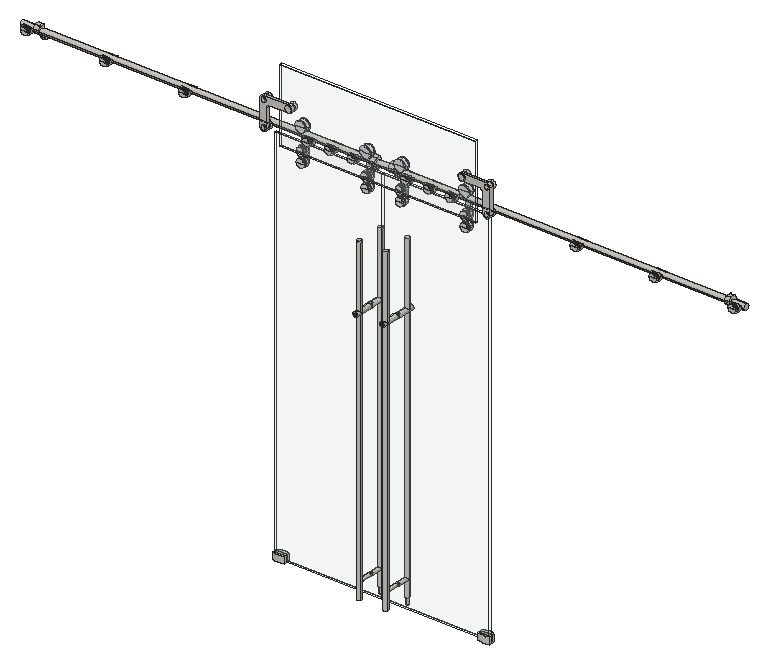
Revit family "Doors_Sliding_Avanti_Systems_Eclipse-Sliding-Pair-Glass-Barn-Doors-Sgl-Glazed", category Doors, Revit 2015
Parameters (values of type "Load Family Type Catalog")
  Youtube clip = ""
  Weight Net (Kg) = "0"
  Warranty = "1 year"  # constant formula
  Uniformat II Description = "Interior Doors"
  Uniformat II Code = "C1020"
  Uniclass 2015 Name = "Sliding door and partition sets"
  Uniclass 2015 Code = "Pr_30_59_24_80"
  Uniclass 2.0 Description = "Sliding Door And Partition Sets"
  Uniclass 2.0 Code = "PR-59-23-77"
  Uniclass 1.4 Description = "Doors"
  Uniclass 1.4 Code = "JL20"
  URL = "www.avantisystemsusa.com"
  UNSPSC Code = "30171501"
  Transome Glass Width [instance] = 36 5/8"
  Transome Glass Height [instance] = 13 13/16"
  Transom Visibility [instance] = yes
  Type = 1
  Transom Height [instance] = 14"
  Thickness = if(Type = 1, 1/2", if(Type = 2, 3/8", if(Type = 3, 7/16", if(Type = 4, 9/16", 3/4"))))  # 1/2"
  Technical description = "https://www.avantisystemsusa.com/wp-content/uploads/products/16-barn-doors/specs/083213_fl.Sliding-Aluminum-Framed-Glass-Doors.Avanti.doc"
  Sound Rating = 0
  Region South America = "All"
  Region Oceania = "All"
  Region North America = "All"
  Region Middle East = "All"
  Region Europe = "All"
  Region Asia = "All"
  Region Antarctica = "All"
  Region Africa = "All"
  QR code = "http://bimobject.com/avantisystems/product/avanti-eclipse"
  Product url = "https://www.avantisystemsusa.com/glass-products/doors/sliding-doors/barn-doors/"
  Product group = "Barn Doors"
  Product family = "Sliding Doors"
  Product data url = "https://bimobject.com/avantisystems/product/avanti-eclipse"
  Product certification = ""
  Product SKU = "avanti-eclipse"
  Product Guid = "7da51ade-73dc-45b6-9d79-ccbd2e6c1290"
  Opening Width [instance] = 37"
  OmniClass Description = "Sliding All Glass Doors"
  OmniClass Code = "23-17 11 23 13"
  Nominal width = 0"
  Nominal height = 0"
  NBS Reference Description = "Sliding Door And Partition Sets"
  NBS Reference Code = "59-23-77"
  Model = "Eclipse™ Sliding Glass Barn Doors"  # constant formula
  Material secondary = "Aluminium"
  Material main = "Glass"
  Masterformat 2014 Description = "Sliding Aluminum-Framed Glass Doors"
  Masterformat 2014 Code = "08 32 13"
  Manufacturer name = "Avanti Systems"
  Manufacturer country = ""
  Manufacturer = "Avanti Systems USA"  # constant formula
  Lock = "Thumb turn floor lock with a key"
  Ladder Pull Height [instance] = 18"
  LEED compatibility = "YES"
  L-Bracket Placement [instance] = (Opening Width / 4) + 1 23/64"  # 10 39/64"
  Installation instructions = ""
  IFC Classification = "Door"
  Hardware material [instance] = Stainless Steel - Avanti- Brushed Finish
  Handle type [instance] = Handle : 60" Ladder Pull
  Half_width [instance] = (Opening Width / 2) + 1 1/2"  # 20"
  Glazing = "Safety Glazing SGCC"
  Glass Width [instance] = 40"
  Glass Material = Glass - Avanti -  Clear Tempered
  Glass Marker = yes
  Glass Height [instance] = 71 5/16"
  Gap Thickness = if(Type = 1, 71/128", if(Type = 2, 87/128", if(Type = 3, 79/128", if(Type = 4, 63/128", 39/128"))))  # 71/128"
  Function = Interior
  Edition number = 1
  EAN code = ""
  Design country = "United States"
  Description = "The Barn Sliding Glass Door is our standard interior manual sliding glass door which can be integrated into the Solare™Frameless, Elite™Freestanding Partition System as well as a solid traditional wall to add a touch of modern style to any entryway."  # constant formula
  Date of publishing = ""
  Clear Anodic Finish = "AAMA 611, AA-M12c22A31, Class II, 0.01mm or thicker"
  COBIe Type Category = ""
  Brand url = "http://www.avantisystemsusa.com/"
  Bolt Length = Thickness + 69/128"  # 1 5/128"
  BIMobject main category code = "doors"
  BIMobject main category = "Doors"
  BIMobject category code = "doors-sliding"
  BIMobject category = "Sliding"
  Analytic Construction = "<None>"
Reference planes (in)
  plane 1 "Center (Front/Back)": y = 0
  plane 2: z = 0
  plane 3 "Center (Left/Right)": x = 3.24894
  plane 4: x = -15.25106
  plane 5: x = 21.74894
  plane 6 "Top": z = 84
  plane 7 "Curtain_wall_center": y = 0
  plane 8 "Curtain_wall_exterior": y = 0.25
  plane 9 "Curtain_wall_interior": y = -0.25
  plane 10 "Top_panel_height": z = 70
  plane 11 "Doors_exterior": y = 1.30469
  plane 12 "Doors_center": y = 1.05469
  plane 13 "Doors_interior": y = 0.80469
  plane 14 "Door_offset_left": x = -16.75106
  plane 15 "Door_offset_top": z = 71.5
  plane 16 "Handle_placement_top": z = 18
  plane 17 "Handle_placement_level": x = 0.74894
  plane 18: x = -14.76823
  plane 19: z = 0.1875
  plane 20: x = 23.24894
  plane 21: x = 5.74894
  plane 22: x = 21.26611
  plane 23: x = 3.24894
  plane 24: x = 21.56144
  plane 25: x = -15.06356
  plane 26: z = 83.8125
  plane 27: x = 13.24894
  plane 28: x = -6.75106
  plane 29: z = 35.75
  plane 30: z = 71.75
Forms (in)
  Extrusion 1, solid, material "Glass - Avanti -  Clear Tempered" <- "Glass Material", visible <- "Transom Visibility"
    sketch origin (0, 0, 0) x (1, 0, 0) y (0, 1, 0)
      loop
        line (-15.06356, 0.25) -> (-15.06356, -0.25) -> (21.56144, -0.25) -> (21.56144, 0.25) -> (-15.06356, 0.25)
    from 70 to 83.8125
  Extrusion 2, solid, material "Stainless Steel - Avanti- Brushed Finish" <- "Hardware material"
    sketch origin (0, 0, 0) x (1, 0, 0) y (0, 1, 0)
      loop
        arc (-17.01409, 0.53875) -> (-15.89116, 0.33642) -> (-14.76823, 0.53875) r 3.2173
        line (-14.76823, 0.53875) -> (-14.76823, 1.57063)
        arc (-14.76823, 1.57063) -> (-15.89116, 1.90891) -> (-17.01409, 1.57063) r 2.03293
        line (-17.01409, 1.57063) -> (-17.01409, 0.53875)
    from 0 to 1.21575
  Extrusion 3, void
    sketch origin (3.24894, 0, 0) x (0, 1, 0) y (0, 0, 1)
      loop
        line (1.30469, 1.21575) -> (0.80469, 1.21575) -> (0.80469, 0.15191) -> (1.30469, 0.15191) -> (1.30469, 1.21575)
    from -20.26303 to 20.26303
  Extrusion 4, solid, material "Stainless Steel - Avanti- Brushed Finish" <- "Hardware material"
    sketch origin (6.49788, 0, 0) x (-1, 0, 0) y (0, -1, 0)
      loop
        line (-17.01409, -0.53875) -> (-17.01409, -1.57063)
        arc (-17.01409, -1.57063) -> (-15.89116, -1.90891) -> (-14.76823, -1.57063) r 2.03293
        line (-14.76823, -1.57063) -> (-14.76823, -0.53875)
        arc (-14.76823, -0.53875) -> (-15.89116, -0.33642) -> (-17.01409, -0.53875) r 3.2173
    from 0 to 1.21575
  Extrusion 5, solid, material "Glass - Avanti -  Clear Tempered" <- "Glass Material"
    sketch origin (0, 0, 0) x (1, 0, 0) y (0, 0, 1)
      loop
        line (23.24894, 71.5) -> (3.24894, 71.5) -> (3.24894, 0.1875) -> (23.24894, 0.1875) -> (23.24894, 71.5)
    from -1.30469 to -0.80469
  Extrusion 6, solid, material "Glass - Avanti -  Clear Tempered" <- "Glass Material"
    sketch origin (0, 0, 0) x (1, 0, 0) y (0, 0, 1)
      loop
        line (3.24894, 71.5) -> (-16.75106, 71.5) -> (-16.75106, 0.1875) -> (3.24894, 0.1875) -> (3.24894, 71.5)
    from -1.30469 to -0.80469
Cuts and joins
  Extrusion 3 cuts Extrusion 2
  Extrusion 3 cuts Extrusion 4
Lines and regions (in)
  symbolic lines, style "0"
    curve 1: line (-17.01409, 0.53875, 0) -> (-17.01409, 1.57063, 0)
    curve 2: line (-14.76823, 0.53875, 0) -> (-14.76823, 1.57063, 0)
    curve 3: circle (-16.75106, 1.05469, 0) r 0.22256 normal (0, 0, 1)
    curve 4: circle (-16.75106, 1.05469, 0) r 0.13151 normal (0, 0, 1)
    curve 5: circle (-15.03126, 1.05469, 0) r 0.22256 normal (0, 0, 1)
    curve 6: circle (-15.03126, 1.05469, 0) r 0.13151 normal (0, 0, 1)
    curve 7: arc (-15.42624, 0.68038, 0) -> (-15.29429, 1.05469, 0) -> (-15.42624, 1.429, 0) r 0.59687
    curve 8: arc (-16.35608, 1.429, 0) -> (-16.48803, 1.05469, 0) -> (-16.35608, 0.68038, 0) r 0.59687
    curve 9: line (-14.76823, 1.429, 0) -> (-17.01409, 1.429, 0)
    curve 10: line (-14.76823, 0.68038, 0) -> (-17.01409, 0.68038, 0)
    curve 21: arc (-14.76823, 0.53875, 0) -> (-15.89116, 0.33642, 0) -> (-17.01409, 0.53875, 0) r 3.2173
    curve 35: line (-14.76823, 0.80469, 0) -> (21.26611, 0.80469, 0)
    curve 36: line (21.26611, 0.80469, 0) -> (21.26611, 1.30469, 0)
    curve 37: line (-14.76823, 1.30469, 0) -> (21.26611, 1.30469, 0)
    curve 38: line (3.24894, 0.25, 84) -> (3.24894, -0.25, 84)
    curve 39: line (3.24894, 0.25, 70) -> (3.24894, 0.25, 84)
    curve 40: line (3.24894, -0.25, 70) -> (3.24894, 0.25, 70)
    curve 41: line (3.24894, -0.25, 84) -> (3.24894, -0.25, 70)
    curve 42: line (3.24894, 1.30469, 71.5) -> (3.24894, 0.80469, 71.5)
    curve 43: line (3.24894, 1.30469, 0.15191) -> (3.24894, 1.30469, 71.5)
    curve 44: line (3.24894, 0.80469, 0.15191) -> (3.24894, 1.30469, 0.15191)
    curve 45: line (3.24894, 0.80469, 71.5) -> (3.24894, 0.80469, 0.15191)
    curve 46: line (23.51197, 0.53875, 0) -> (23.51197, 1.57063, 0)
    curve 47: line (21.26611, 0.53875, 0) -> (21.26611, 1.57063, 0)
    curve 48: circle (23.24894, 1.05469, 0) r 0.22256 normal (0, 0, -1)
    curve 49: circle (23.24894, 1.05469, 0) r 0.13151 normal (0, 0, -1)
    curve 50: circle (21.52914, 1.05469, 0) r 0.22256 normal (0, 0, -1)
    curve 51: circle (21.52914, 1.05469, 0) r 0.13151 normal (0, 0, -1)
    curve 52: arc (21.92412, 0.68038, 0) -> (21.79217, 1.05469, 0) -> (21.92412, 1.429, 0) r 0.59687
    curve 53: arc (22.85396, 1.429, 0) -> (22.98591, 1.05469, 0) -> (22.85396, 0.68038, 0) r 0.59687
    curve 54: line (21.26611, 1.429, 0) -> (23.51197, 1.429, 0)
    curve 55: line (21.26611, 0.68038, 0) -> (23.51197, 0.68038, 0)
    curve 56: arc (21.26611, 0.53875, 0) -> (22.38904, 0.33642, 0) -> (23.51197, 0.53875, 0) r 3.2173
  symbolic lines, style "0", not visible
    curve 11: line (-11.39483, 5.69093, 0) -> (-11.39483, 4.65905, 0)
    curve 12: line (-13.64069, 5.69093, 0) -> (-13.64069, 4.65905, 0)
    curve 13: circle (-11.65786, 5.17499, 0) r 0.22256 normal (0, 0, 1)
    curve 14: circle (-11.65786, 5.17499, 0) r 0.13151 normal (0, 0, 1)
    curve 15: circle (-13.37767, 5.17499, 0) r 0.22256 normal (0, 0, 1)
    curve 16: circle (-13.37767, 5.17499, 0) r 0.13151 normal (0, 0, 1)
    curve 17: arc (-12.98268, 5.5493, 0) -> (-13.11464, 5.17499, 0) -> (-12.98268, 4.80068, 0) r 0.59687
    curve 18: arc (-12.05285, 4.80068, 0) -> (-11.92089, 5.17499, 0) -> (-12.05285, 5.5493, 0) r 0.59687
    curve 19: line (-13.64069, 4.80068, 0) -> (-11.39483, 4.80068, 0)
    curve 20: line (-13.64069, 5.5493, 0) -> (-11.39483, 5.5493, 0)
    curve 22: arc (-13.64069, 5.69093, 0) -> (-12.51776, 5.89326, 0) -> (-11.39483, 5.69093, 0) r 3.2173
  symbolic lines, style "0", detail levels medium+fine
    curve 23: circle (0.74894, 3.5786, 0) r 0.39445 normal (0, 0, 1)
    curve 24: line (0.43894, 3.33469, 0) -> (0.43894, 1.30469, 0)
    curve 25: line (1.06195, 3.33856, 0) -> (1.06195, 1.30469, 0)
    curve 26: circle (0.74894, -1.46922, 0) r 0.39445 normal (0, 0, -1)
    curve 27: line (0.43894, -1.22532, 0) -> (0.43894, 0.80469, 0)
    curve 28: line (1.06195, -1.22919, 0) -> (1.06195, 0.80469, 0)
    curve 57: circle (5.74894, 3.5786, 0) r 0.39445 normal (0, 0, -1)
    curve 58: line (6.05895, 3.33469, 0) -> (6.05895, 1.30469, 0)
    curve 59: line (5.43593, 3.33856, 0) -> (5.43593, 1.30469, 0)
    curve 60: circle (5.74894, -1.46922, 0) r 0.39445 normal (0, 0, 1)
    curve 61: line (6.05895, -1.22532, 0) -> (6.05895, 0.80469, 0)
    curve 62: line (5.43593, -1.22919, 0) -> (5.43593, 0.80469, 0)
  symbolic lines, style "0", not visible, detail levels medium+fine
    curve 29: circle (20.74894, 4.89891, 0) r 0.39445 normal (0, 0, 1)
    curve 30: line (20.43894, 4.65501, 0) -> (20.43894, 2.625, 0)
    curve 31: line (21.06195, 4.65887, 0) -> (21.06195, 2.625, 0)
    curve 32: circle (20.74894, -0.14891, 0) r 0.39445 normal (0, 0, -1)
    curve 33: line (20.43894, 0.09499, 0) -> (20.43894, 2.125, 0)
    curve 34: line (21.06195, 0.09113, 0) -> (21.06195, 2.125, 0)
  model lines, not visible
    curve 63: line (-16.88257, 1.05469, 0) -> (-16.61954, 1.05469, 0)
    curve 64: line (-11.52635, 5.17499, 0) -> (-11.78938, 5.17499, 0)
    curve 65: line (23.38046, 1.05469, 0) -> (23.11743, 1.05469, 0)
    curve 66: line (21.39762, 1.05469, 0) -> (21.66065, 1.05469, 0)
    curve 67: line (-14.89974, 1.05469, 0) -> (-15.16277, 1.05469, 0)
    curve 68: line (-13.50918, 5.17499, 0) -> (-13.24615, 5.17499, 0)
    curve 73: line (13.24894, 0.25002, 33.90204) -> (13.24894, 0.25002, 37.59796)
    curve 78: line (0.00262, 0.25002, 20.81572) -> (0.00262, 0.25002, 24.51163)
    curve 83: line (-6.75106, 0.25002, 33.90204) -> (-6.75106, 0.25002, 37.59796)
    curve 88: line (0.00262, 0.25002, 20.81572) -> (0.00262, 0.25002, 24.51163)
  symbolic lines, visible <- "Glass Marker"
    curve 69: line (10.42051, -0.24998, 32.92157) -> (16.07737, -0.24998, 38.57843)
    curve 70: line (13.24894, -0.24998, 33.90204) -> (15.0969, -0.24998, 35.75)
    curve 71: line (11.40098, -0.24998, 35.75) -> (13.24894, -0.24998, 37.59796)
    curve 79: line (-9.57949, -0.24998, 32.92157) -> (-3.92263, -0.24998, 38.57843)
    curve 80: line (-6.75106, -0.24998, 33.90204) -> (-4.9031, -0.24998, 35.75)
    curve 81: line (-8.59902, -0.24998, 35.75) -> (-6.75106, -0.24998, 37.59796)
  symbolic lines, not visible
    curve 72: line (11.40098, 0.25002, 35.75) -> (15.0969, 0.25002, 35.75)
    curve 77: line (-1.84534, 0.25002, 22.66367) -> (1.85057, 0.25002, 22.66367)
    curve 82: line (-8.59902, 0.25002, 35.75) -> (-4.9031, 0.25002, 35.75)
    curve 87: line (-1.84534, 0.25002, 22.66367) -> (1.85057, 0.25002, 22.66367)
    curve 90: line (0.74894, 3.48426, 0) -> (0.74894, 3.73426, 0)
    curve 91: line (20.74894, 4.80457, 0) -> (20.74894, 5.05457, 0)
    curve 92: line (5.74894, 3.48426, 0) -> (5.74894, 3.73426, 0)
    curve 93: line (0.74894, -1.66705, 0) -> (0.74894, -1.41705, 0)
    curve 94: line (20.74894, -0.34673, 0) -> (20.74894, -0.09673, 0)
    curve 95: line (5.74894, -1.66705, 0) -> (5.74894, -1.41705, 0)
    curve 96: line (-16.88257, 1.05469, 0) -> (-16.61954, 1.05469, 0)
    curve 97: line (-11.52635, 5.17499, 0) -> (-11.78938, 5.17499, 0)
    curve 98: line (23.38046, 1.05469, 0) -> (23.11743, 1.05469, 0)
    curve 100: arc (-13.64069, 4.65905, 0) -> (-12.51776, 4.32076, 0) -> (-11.39483, 4.65905, 0) r 2.03293
  symbolic lines, visible <- "Glass Marker", not visible
    curve 74: line (-2.82581, -0.24998, 19.83525) -> (2.83104, -0.24998, 25.4921)
    curve 75: line (0.00262, -0.24998, 20.81572) -> (1.85057, -0.24998, 22.66367)
    curve 76: line (-1.84534, -0.24998, 22.66367) -> (0.00262, -0.24998, 24.51163)
    curve 84: line (-2.82581, -0.24998, 19.83525) -> (2.83104, -0.24998, 25.4921)
    curve 85: line (0.00262, -0.24998, 20.81572) -> (1.85057, -0.24998, 22.66367)
    curve 86: line (-1.84534, -0.24998, 22.66367) -> (0.00262, -0.24998, 24.51163)
  symbolic lines
    curve 89: line (3.24894, 1.30469, 0) -> (3.24894, 0.80469, 0)
    curve 99: arc (-14.76823, 1.57063, 0) -> (-15.89116, 1.90891, 0) -> (-17.01409, 1.57063, 0) r 2.03293
    curve 101: arc (21.26611, 1.57063, 0) -> (22.38904, 1.90891, 0) -> (23.51197, 1.57063, 0) r 2.03293
Text (in)
  text "Exterior" at (-45.72835, 31.38743, 0), in view "Ref. Level"
Dimensions and locks (in)
  equal spacing: plane 4, plane 3 "Center (Left/Right)", plane 5
  equal spacing: plane 8 "Curtain_wall_exterior", plane 7 "Curtain_wall_center", plane 9 "Curtain_wall_interior"
  equal spacing: plane 11 "Doors_exterior", plane 12 "Doors_center", plane 13 "Doors_interior"
  "Gap Thickness": plane 13 "Doors_interior" to plane 8 "Curtain_wall_exterior"
  locked: plane 10 "Top_panel_height" to plane 15 "Door_offset_top" at 1.5
  "Ladder Pull Height": plane 2 to plane 16 "Handle_placement_top"
  locked: plane 4 to plane 18 at 0.48283
  locked: plane 2 to plane 19 at 0.1875
  "Transom Height": plane 10 "Top_panel_height" to plane 6 "Top"
  locked: plane 17 "Handle_placement_level" to plane 3 "Center (Left/Right)" at 2.5
  locked: plane 21 to plane 3 "Center (Left/Right)" at 2.5
  plane 17 "Handle_placement_level" to plane 3 "Center (Left/Right)" to plane 21 = 2 1/2", 2 1/2"
  locked: plane 5 to plane 20 at 1.5
  locked: plane 14 "Door_offset_left" to plane 4 at 1.5
  "Opening Width": plane 4 to plane 5
  locked: plane 22 to plane 5 at 0.48283
  "Thickness": plane 11 "Doors_exterior" to plane 13 "Doors_interior"
  "Thickness": plane 8 "Curtain_wall_exterior" to plane 9 "Curtain_wall_interior"
  locked: plane 26 to plane 6 "Top" at 0.1875
  locked: plane 24 to plane 5 at 0.1875
  locked: plane 25 to plane 4 at 0.1875
  equal spacing: plane 20, plane 27, plane 3 "Center (Left/Right)"
  equal spacing: plane 3 "Center (Left/Right)", plane 28, plane 14 "Door_offset_left"
  equal spacing: plane 2, plane 29, plane 15 "Door_offset_top"
  locked: nested 4 to curve 72 at 7
  locked: curve 72 to nested 5 at 7
  "Transome Glass Width": plane 24 to plane 25
  "Transome Glass Height": plane 10 "Top_panel_height" to plane 26
  "Glass Height": plane 19 to plane 15 "Door_offset_top"
  "Glass Width": plane 20 to plane 14 "Door_offset_left"
  locked: nested 1 to Extrusion 6 at 0.00996
  locked: plane 30 to plane 15 "Door_offset_top" at 0.25
  locked: curve 9 to nested 2 at 3
  locked: nested 3 to curve 37 at 3
  equal spacing: plane 17 "Handle_placement_level", Extrusion 6, plane 21
  aligned and locked: level to plane 2
  aligned and locked: Extrusion 1 sketch curve to plane 8 "Curtain_wall_exterior"
  aligned and locked: plane 9 "Curtain_wall_interior" to Extrusion 1 sketch curve
  aligned and locked: curve 2 to plane 18
  aligned and locked: plane 11 "Doors_exterior" to curve 25
  aligned and locked: plane 11 "Doors_exterior" to curve 24
  aligned and locked: plane 13 "Doors_interior" to curve 28
  aligned and locked: plane 13 "Doors_interior" to curve 27
  aligned and locked: plane 11 "Doors_exterior" to Extrusion 3 sketch curve
  aligned and locked: Extrusion 3 sketch curve to plane 13 "Doors_interior"
  aligned and locked: Extrusion 2 to Extrusion 3 sketch curve
  aligned and locked: curve 44 to cut or joined group of Extrusion 2, Extrusion 3
  aligned and locked: curve 45 to cut or joined group of Extrusion 2, Extrusion 3
  aligned and locked: cut or joined group of Extrusion 2, Extrusion 3 to plane 2
  aligned and locked: Extrusion 4 to plane 22
  aligned and locked: Extrusion 5 sketch curve to plane 20
  aligned and locked: Extrusion 5 sketch curve to plane 15 "Door_offset_top"
  aligned and locked: Extrusion 5 sketch curve to plane 3 "Center (Left/Right)"
  aligned and locked: Extrusion 6 sketch curve to plane 15 "Door_offset_top"
  aligned and locked: Extrusion 6 sketch curve to plane 14 "Door_offset_left"
  aligned and locked: curve 47 to plane 22
  aligned and locked: curve 36 to plane 22
  aligned and locked: plane 13 "Doors_interior" to curve 62
  aligned and locked: plane 11 "Doors_exterior" to curve 59
  aligned and locked: curve 63 to plane 12 "Doors_center"
  aligned and locked: curve 66 to plane 12 "Doors_center"
  aligned and locked: Extrusion 5 to plane 19
  aligned and locked: Extrusion 6 to plane 19
  aligned and locked: Extrusion 1 to plane 25
  aligned and locked: plane 24 to Extrusion 1
  aligned and locked: Extrusion 1 to plane 26
  aligned and locked: Extrusion 1 to plane 10 "Top_panel_height"
  aligned and locked: plane 29 to curve 72
  aligned and locked: plane 27 to curve 73
  aligned and locked: plane 29 to curve 82
  aligned and locked: plane 28 to curve 83
  aligned and locked: Extrusion 6 to plane 13 "Doors_interior"
  aligned and locked: plane 11 "Doors_exterior" to Extrusion 6
  aligned and locked: plane 11 "Doors_exterior" to Extrusion 5
  aligned and locked: Extrusion 5 to plane 13 "Doors_interior"
  aligned and locked: plane 20 to Extrusion 5
  aligned and locked: plane 14 "Door_offset_left" to Extrusion 6
  aligned and locked: plane 17 "Handle_placement_level" to nested 2
  aligned and locked: plane 21 to nested 3
  aligned and locked: plane 27 to nested 4
  aligned and locked: plane 28 to nested 5
  aligned and locked: plane 3 "Center (Left/Right)" to nested 1
  aligned and locked: Extrusion 6 to plane 3 "Center (Left/Right)"
  aligned and locked: nested 1 to plane 30
  aligned and locked: curve 35 to plane 13 "Doors_interior"
  aligned and locked: curve 43 to plane 11 "Doors_exterior"
  aligned and locked: plane 8 "Curtain_wall_exterior" to Extrusion 1
  aligned and locked: Extrusion 1 to plane 9 "Curtain_wall_interior"
  aligned and locked: plane 15 "Door_offset_top" to Extrusion 6
  aligned and locked: plane 10 "Top_panel_height" to curve 40
  aligned and locked: curve 90 to plane 17 "Handle_placement_level"
  aligned and locked: plane 21 to curve 92
  aligned and locked: curve 93 to plane 17 "Handle_placement_level"
  aligned and locked: plane 21 to curve 95
  aligned and locked: curve 96 to plane 12 "Doors_center"
  aligned and locked: plane 12 "Doors_center" to curve 98
  aligned and locked: plane 21 to nested 6
  aligned and locked: nested 7 to plane 17 "Handle_placement_level"
  aligned and locked: plane 2 to nested 6
  aligned and locked: plane 2 to nested 7
  aligned and locked: nested 7 to plane 11 "Doors_exterior"
  aligned and locked: nested 6 to plane 11 "Doors_exterior"
Automatic sketch dimensions
  Extrusion 2 sketch curve to plane 18 = 0"
  plane 4 to Extrusion 2 sketch curve = 0.6401"  (x2)
  plane 1 "Center (Front/Back)" to Extrusion 2 sketch curve = 0.12403"
  plane 14 "Door_offset_left" to Extrusion 2 sketch curve = 0.26303"
  Extrusion 2 sketch curve to plane 13 "Doors_interior" = 0.26594"
  plane 11 "Doors_exterior" to Extrusion 2 sketch curve = 0.26594"
  plane 11 "Doors_exterior" to Extrusion 2 sketch curve = 2.24903"
  level to Extrusion 3 sketch curve = 0.15191"
  Extrusion 4 sketch curve to plane 22 = 0"
  plane 5 to Extrusion 4 sketch curve = 0.6401"  (x2)
  Extrusion 4 sketch curve to plane 1 "Center (Front/Back)" = 0.12403"
  Extrusion 4 sketch curve to plane 20 = 0.26303"
  plane 13 "Doors_interior" to Extrusion 4 sketch curve = 0.26594"
  Extrusion 4 sketch curve to plane 11 "Doors_exterior" = 0.26594"
  Extrusion 4 sketch curve to plane 11 "Doors_exterior" = 2.24903"
  Extrusion 6 sketch curve to plane 3 "Center (Left/Right)" = 0"
  level to Extrusion 5 sketch curve = 3/16"
  level to Extrusion 6 sketch curve = 3/16"
  curve 38 to plane 9 "Curtain_wall_interior" = 0"
  curve 39 to plane 8 "Curtain_wall_exterior" = 0"
  plane 5 to Extrusion 1 sketch curve = 3/16"
  Extrusion 1 sketch curve to plane 4 = 3/16"
  curve 42 to plane 15 "Door_offset_top" = 0"
  plane 6 "Top" to curve 39 = 0"
  curve 37 to plane 18 = 0"
  curve 35 to plane 18 = 0"
  curve 89 to plane 3 "Center (Left/Right)" = 0"
  curve 90 to curve 23 = 0"
  curve 24 to curve 90 = 0.31001"
  curve 24 to curve 25 = 0.62301"
  curve 90 to curve 23 = 0.09434"
  curve 25 to curve 90 = 0.1457"
  curve 25 to curve 25 = 2.03387"
  curve 24 to curve 25 = 0"
  curve 23 to curve 90 = 0.15566"
  curve 91 to curve 29 = 0"
  curve 30 to curve 91 = 0.31001"
  curve 30 to curve 31 = 0.62301"
  curve 91 to curve 29 = 0.09434"
  curve 31 to curve 91 = 0.1457"
  curve 31 to curve 31 = 2.03387"
  curve 30 to curve 31 = 0"
  curve 29 to curve 91 = 0.15566"
  curve 92 to curve 57 = 0"
  curve 58 to curve 92 = 0.31001"
  curve 58 to curve 59 = 0.62301"
  curve 57 to curve 92 = 0.09434"
  curve 92 to curve 59 = 0.1457"
  curve 59 to curve 59 = 2.03387"
  curve 58 to curve 59 = 0"
  curve 92 to curve 57 = 0.15566"
  curve 93 to curve 26 = 0"
  curve 27 to curve 93 = 0.31001"
  curve 27 to curve 28 = 0.62301"
  curve 93 to curve 26 = 0.19783"
  curve 26 to curve 93 = 0.05217"
  curve 93 to curve 28 = 0.18786"
  curve 28 to curve 28 = 2.03387"
  curve 27 to curve 28 = 0"
  curve 94 to curve 32 = 0"
  curve 33 to curve 94 = 0.31001"
  curve 33 to curve 34 = 0.62301"
  curve 94 to curve 32 = 0.19783"
  curve 32 to curve 94 = 0.05217"
  curve 94 to curve 34 = 0.18786"
  curve 34 to curve 34 = 2.03387"
  curve 33 to curve 34 = 0"
  curve 95 to curve 60 = 0"
  curve 61 to curve 95 = 0.31001"
  curve 61 to curve 62 = 0.62301"
  curve 60 to curve 95 = 0.19783"
  curve 95 to curve 60 = 0.05217"
  curve 62 to curve 95 = 0.18786"
  curve 62 to curve 62 = 2.03387"
  curve 61 to curve 62 = 0"
  curve 3 to curve 4 = 0"  (x4)
  curve 5 to curve 6 = 0"  (x4)
  curve 7 to curve 8 = 0"  (x4)
  curve 9 to curve 6 = 0.26303"
  curve 5 to curve 8 = 0.8599"
  curve 99 to curve 7 = 0"
  curve 7 to curve 4 = 0.8599"
  curve 3 to curve 1 = 0.26303"
  curve 21 to curve 2 = 1.98308"
  curve 1 to curve 3 = 0.51594"
  curve 3 to curve 7 = 0"
  curve 2 to curve 6 = 0.51594"
  curve 5 to curve 2 = 0.51594"
  curve 7 to curve 99 = 1.17871"
  curve 67 to curve 5 = 0.13151"
  curve 67 to curve 7 = 0.26347"  (x2)
  curve 8 to curve 3 = 0.39498"
  curve 96 to curve 3 = 0.13151"
  curve 99 to curve 9 = 0.14163"
  curve 96 to curve 3 = 0"
  curve 67 to curve 5 = 0"
  curve 63 to curve 96 = 0"
  curve 1 to curve 1 = 1.03188"
  curve 13 to curve 14 = 0"  (x4)
  curve 15 to curve 16 = 0"  (x4)
  curve 17 to curve 18 = 0"  (x4)
  curve 19 to curve 16 = 0.26303"
  curve 15 to curve 18 = 0.8599"
  curve 100 to curve 17 = 0"
  curve 17 to curve 14 = 0.8599"
  curve 13 to curve 11 = 0.26303"
  curve 22 to curve 12 = 1.98308"
  curve 11 to curve 13 = 0.51594"
  curve 13 to curve 17 = 0"
  curve 12 to curve 16 = 0.51594"
  curve 15 to curve 12 = 0.51594"
  curve 17 to curve 100 = 1.17871"
  curve 68 to curve 15 = 0.13151"
  curve 68 to curve 17 = 0.26347"  (x2)
  curve 18 to curve 13 = 0.39498"
  curve 97 to curve 13 = 0.13151"
  curve 100 to curve 19 = 0.14163"
  curve 97 to curve 13 = 0"
  curve 68 to curve 15 = 0"
  curve 64 to curve 97 = 0"
  curve 11 to curve 11 = 1.03188"
  curve 48 to curve 49 = 0"  (x4)
  curve 50 to curve 51 = 0"  (x4)
  curve 52 to curve 53 = 0"  (x4)
  curve 54 to curve 51 = 0.26303"
  curve 50 to curve 53 = 0.8599"
  curve 101 to curve 52 = 0"
  curve 52 to curve 49 = 0.8599"
  curve 48 to curve 46 = 0.26303"
  curve 47 to curve 56 = 1.98308"
  curve 48 to curve 46 = 0.51594"
  curve 48 to curve 52 = 0"
  curve 51 to curve 47 = 0.51594"
  curve 47 to curve 50 = 0.51594"
  curve 101 to curve 52 = 1.17871"
  curve 66 to curve 50 = 0.13151"
  curve 66 to curve 52 = 0.26347"  (x2)
  curve 53 to curve 48 = 0.39498"
  curve 98 to curve 48 = 0.13151"
  curve 54 to curve 101 = 0.14163"
  curve 98 to curve 48 = 0"
  curve 66 to curve 50 = 0"
  curve 65 to curve 98 = 0"
  curve 46 to curve 46 = 1.03188"
  radius of curve 3 = 0.22256"
  radius of curve 5 = 0.22256"
  radius of curve 13 = 0.22256"
  radius of curve 15 = 0.22256"
  radius of curve 48 = 0.22256"
  radius of curve 50 = 0.22256"
Nested families (in)
  nested 1: "Trolley" at (3.24894, 1.30469, 72.28811), type "Trolley"
  nested 2: "Arrow" at (-3.18807, 4.429, 0), type "arrow"
  nested 3: "Arrow" at (9.68595, 4.30469, 0) x (-1, 0, 0) z (0, 0, 1), type "arrow"
  nested 4: "Arrow" at (13.24894, 0, 42.75) x (-1, 0, 0) z (0, -1, 0), type "arrow"
  nested 5: "Arrow" at (-6.75106, 0, 42.75) x (1, 0, 0) z (0, -1, 0), type "arrow"
  nested 6: "Handle" at (4.12394, -0.57031, 38) x (1, 0, 0) z (0, -1, 0), type <- "Handle type", type "60" Ladder Pull", detail levels medium+fine
    with Locker yes
  nested 7: "Handle" at (-0.87606, -0.57031, 38) x (1, 0, 0) z (0, -1, 0), type <- "Handle type", type "60" Ladder Pull", detail levels medium+fine
    with Locker yes
Definition of nested family "Trolley"
  Parameters (values of type "Trolley")
    Thickness = 1/2"
    Opening Width Controller = if(Opening Width > 60", 60", Opening Width)  # 37"
    Opening Width = 37"
    L-Bracket Placement = (Opening Width / 2) + 2"  # 20 1/2"
    L offset = 0"
    Hinge Placement 7 = (Opening Width / 2) + 38.34646"  # 56.84646"
    Hinge Placement 6 = (Opening Width / 2) + 37.24409"  # 55.74409"
    Hinge Placement 5 = (Opening Width / 2) + 23.58268"  # 42.08268"
    Hinge Placement 4 = (Opening Width / 2) + 8.8189"  # 27.3189"
    Hinge Placement 3 = (Opening Width / 2) + 4.09449"  # 22.59449"
    Hinge Placement 2 = (Opening Width / 2) - 2.08661"  # 16.41339"
    Hinge Placement 1 = (Opening Width / 2) - 5.94488"  # 12.55512"
    Hinge Placement = (Opening Width / 2) - 3.97638"  # 14.52362"
    Assembly material = none
  Reference planes (in)
    plane 1 "Center (Front/Back)": y = 0
    plane 2: z = 0.41897
    plane 3 "Center (Left/Right)": x = 0
    plane 4: y = 1.43605
    plane 5: y = 1.56496
    plane 6: y = 0.93605
    plane 7: x = 2.5
    plane 8: x = -2.5
    plane 9: x = -18.5
    plane 10: x = 18.5
    plane 11: x = -9.25
    plane 12: x = 9.25
    plane 13: x = -16
    plane 14: x = 16
    plane 15: x = -4.19625
    plane 16: x = 4.19625
    plane 17: x = -14.14117
    plane 18: x = 14.14117
    plane 19: x = -36.5689
    plane 20: x = -51.33268
    plane 21: x = -64.99409
    plane 22: x = -66.09646
    plane 23: x = 36.5689
    plane 24: x = 51.33268
    plane 25: x = 64.99409
    plane 26: x = 66.09646
    plane 27: x = -67.59646
    plane 28: x = 67.59646
  Forms (in)
    Extrusion 1, solid, material <- "Assembly material"
      sketch origin (0, 0, 0) x (0, 1, 0) y (0, 0, 1)
        loop
          circle (0, 0.41897) r 0.46875
      from -67.59646 to 67.59646
  Lines and regions (in)
    model lines
      curve 1: line (29.74028, 89.953, 0.41897) -> (29.74028, 89.86638, 0.41897)
    reference lines
      curve 2: line (-14.32308, 0, -0.53811) -> (14.32308, 0, -0.53811)
      curve 3: line (0, -0.6125, 0.41897) -> (0, 7.1375, 0.41897)
  Text (in)
    text "2 5/16\"" at (40.39029, -38.4786, -0.89539), in view "Front"
  Dimensions and locks (in)
    locked: plane 1 "Center (Front/Back)" to plane 6 at 0.93605
    locked: plane 5 to plane 4 at 0.12891
    "Thickness": plane 4 to plane 6
    equal spacing: plane 8, plane 3 "Center (Left/Right)", plane 7, locked at 2.5 each
    plane 8 to plane 3 "Center (Left/Right)" to plane 7 = 2 1/2" locked, 2 1/2" locked
    equal spacing: plane 9, plane 3 "Center (Left/Right)", plane 10
    "Opening Width": plane 9 to plane 10
    equal spacing: plane 9, plane 11, plane 3 "Center (Left/Right)"
    equal spacing: plane 3 "Center (Left/Right)", plane 12, plane 10
    locked: plane 9 to plane 13 at 2.5
    locked: plane 14 to plane 10 at 2.5
    equal spacing: plane 15, plane 3 "Center (Left/Right)", plane 16, locked at 4.19625 each
    locked: plane 15 to plane 3 "Center (Left/Right)" at 4.19625
    locked: plane 3 "Center (Left/Right)" to plane 16 at 4.19625
    locked: plane 9 to plane 17 at 4.35883
    locked: plane 18 to plane 10 at 4.35883
    "Hinge Placement 4": plane 19 to plane 11
    "Hinge Placement 5": plane 20 to plane 11
    "Hinge Placement 6": plane 21 to plane 11
    "Hinge Placement 7": plane 22 to plane 11
    locked: plane 27 to plane 22 at 1.5
    "Hinge Placement 4": plane 12 to plane 23
    "Hinge Placement 5": plane 12 to plane 24
    "Hinge Placement 6": plane 12 to plane 25
    "Hinge Placement 7": plane 12 to plane 26
    locked: plane 26 to plane 28 at 1.5
    equal spacing: plane 17, plane 3 "Center (Left/Right)", plane 18
    aligned and locked: level to plane 2
    aligned and locked: nested 3 to plane 5
    aligned and locked: nested 1 to plane 5
    aligned and locked: nested 4 to plane 5
    aligned and locked: plane 5 to nested 11  (x4)
    aligned and locked: nested 9 to plane 8
    aligned and locked: nested 20 to plane 7
    aligned and locked: nested 9 to nested 10
    aligned and locked: nested 20 to nested 21
    aligned and locked: nested 6 to plane 11
    aligned and locked: nested 17 to plane 12
    aligned and locked: plane 13 to nested 2
    aligned and locked: plane 14 to nested 13
    aligned and locked: nested 7 to plane 15
    aligned and locked: nested 18 to plane 16
    aligned and locked: plane 17 to nested 5
    aligned and locked: plane 18 to nested 16
    aligned and locked: Extrusion 1 to plane 27
    aligned and locked: plane 22 to nested 1
    aligned and locked: plane 21 to nested 8
    aligned and locked: plane 20 to nested 3
    aligned and locked: plane 19 to nested 4
    aligned and locked: plane 28 to Extrusion 1
    aligned and locked: nested 12 to plane 26
    aligned and locked: nested 19 to plane 25
    aligned and locked: nested 14 to plane 24
    aligned and locked: nested 15 to plane 23
    aligned and locked: nested 11 to plane 9
    aligned and locked: nested 22 to plane 10
    aligned and locked: nested 22 to plane 5
    aligned and locked: nested 11 to plane 2
    aligned and locked: plane 2 to nested 22
  Automatic sketch dimensions
    Extrusion 1 sketch curve to level = 0"
    plane 1 "Center (Front/Back)" to Extrusion 1 sketch curve = 0"
    curve 1 to curve 1 = 0.08662"
    curve 1 to plane 1 "Center (Front/Back)" = 89.86638"
    curve 2 to level = 0.95708"
    curve 3 to plane 3 "Center (Left/Right)" = 0"
    plane 1 "Center (Front/Back)" to curve 3 = 0.6125"
    curve 3 to plane 1 "Center (Front/Back)" = 7.1375"
    curve 2 to plane 3 "Center (Left/Right)" = 14.32308"
    plane 3 "Center (Left/Right)" to curve 1 = 29.74028"
    plane 3 "Center (Left/Right)" to curve 2 = 14.32308"
    radius of Extrusion 1 sketch curve = 15/32"
  Nested families (in)
    nested 1: "slider_1" at (-66.09646, 0.44185, 0.33017), type "slider_1"
    nested 2: "slider" at (-15.30393, 0.48819, -1.55585), type "slider"
    nested 3: "slider_1" at (-51.33268, 0.44185, 0.33017), type "slider_1"
    nested 4: "slider_1" at (-36.5689, 0.44185, 0.33017), type "slider_1"
    nested 5: "slider_1" at (-13.30645, 0.60496, 0.33017), type "slider_1"
    nested 6: "slider_1" at (-9.25, 0.48819, 0.33017), type "slider_1"
    nested 7: "slider_1" at (-5.03098, 0.48819, 0.33017), type "slider_1"
    nested 8: "slider_2" at (-63.52058, 0, 0.41897) x (-1, 0, 0) z (0, 0, 1), type "slider_2"
    nested 9: "slider_2" at (-2.73179, 0, 0.41897), type "slider_2"
    nested 10: "slider" at (-3.19912, 0.48819, -1.55585), type "slider"
    nested 11: "Family1" at (-16.13808, 2.15005, 0.37653), type "Family1"
    nested 12: "slider_1" at (66.09646, 0.44185, 0.33017) x (-1, 0, 0) z (0, 0, 1), type "slider_1"
    nested 13: "slider" at (15.30393, 0.48819, -1.55585) x (-1, 0, 0) z (0, 0, 1), type "slider"
    nested 14: "slider_1" at (51.33268, 0.44185, 0.33017) x (-1, 0, 0) z (0, 0, 1), type "slider_1"
    nested 15: "slider_1" at (36.5689, 0.44185, 0.33017) x (-1, 0, 0) z (0, 0, 1), type "slider_1"
    nested 16: "slider_1" at (13.30645, 0.50501, 0.33017) x (-1, 0, 0) z (0, 0, 1), type "slider_1"
    nested 17: "slider_1" at (9.25, 0.48819, 0.33017) x (-1, 0, 0) z (0, 0, 1), type "slider_1"
    nested 18: "slider_1" at (5.03098, 0.48819, 0.33017) x (-1, 0, 0) z (0, 0, 1), type "slider_1"
    nested 19: "slider_2" at (63.52058, 0, 0.41897), type "slider_2"
    nested 20: "slider_2" at (2.73179, 0, 0.41897) x (-1, 0, 0) z (0, 0, 1), type "slider_2"
    nested 21: "slider" at (3.19912, 0.48819, -1.55585) x (-1, 0, 0) z (0, 0, 1), type "slider"
    nested 22: "Family1" at (16.13808, 2.15005, 0.37653) x (-1, 0, 0) z (0, 0, 1), type "Family1"
  Definition of nested family "slider_1"
    Parameters (values of type "slider_1")
      material = none
    Reference planes (in)
      plane 1 "Center (Front/Back)": y = 0
      plane 2: z = 0
      plane 3 "Center (Left/Right)": x = 0
    Forms (in)
      Extrusion 1, solid, material <- "material"
        sketch origin (0, 0, 0) x (1, 0, 0) y (0, 0, 1)
          loop
            line (0.61237, 0.625) -> (-0.61237, 0.625)
            arc (-0.61237, 0.625) -> (-0.74929, 0.45188) -> (-0.83853, 0.25) r 0.875
            arc (-0.83853, 0.25) -> (0, -0.875) -> (0.83853, 0.25) r 0.875
            arc (0.83853, 0.25) -> (0.74929, 0.45188) -> (0.61237, 0.625) r 0.875
        from -0.55469 to 1.23158
      Revolve 2, solid, material <- "material"
        sketch origin (0, 0, 0) x (1, 0, 0) y (0, 1, 0)
          loop
            line (0, 1.12311) -> (-0.63158, 1.12311) -> (-0.48947, 0.981) -> (-0.48947, 0.61785) -> (-0.61579, 0.61785) -> (-0.61579, 0.55469) -> (0, 0.55469) -> (0, 1.12311)
          axis (0, 0.55469) -> (0, 1.12311)
        angle from 0 to 360
      Extrusion 3, void
        sketch origin (0, 0, 0) x (0, 1, 0) y (0, 0, 1)
          loop
            line (0.41258, 0.64237) -> (-1.26118, 0.64237) -> (-1.26118, 0.26241) -> (0.41258, 0.26241) -> (0.41258, 0.64237)
        from -0.85732 to 0.86299
      Revolve 4, void
        sketch origin (0, 0, 0) x (0, 1, 0) y (0, 0, 1)
          loop
            line (-1.23158, -0.67352) -> (0.30206, -0.67352) -> (0.30206, -0.57878) -> (-1.01053, -0.57878) -> (-1.04211, -0.51562) -> (-1.23158, -0.51562) -> (-1.23158, -0.67352)
          axis (0.30206, -0.67352) -> (-1.23158, -0.67352)
        angle from 0 to 360
    Cuts and joins
      Extrusion 3, Revolve 4 cuts Extrusion 1
    Dimensions and locks (in)
      aligned and locked: level to plane 2
      aligned and locked: cut or joined group of Extrusion 1, Extrusion 3, Revolve 4 to Revolve 2
  Definition of nested family "slider"
    Parameters (values of type "slider")
      material = none
    Reference planes (in)
      plane 1 "Center (Front/Back)": y = 0
      plane 2: z = 0
      plane 3 "Center (Left/Right)": x = 0
    Forms (in)
      Revolve 1, solid, material <- "material"
        sketch origin (0, 0, -0.91608) x (1, 0, 0) y (0, 1, 0)
          loop
            line (0, -1.25406) -> (-0.56693, -1.25406) -> (-0.56693, -1.38004) -> (0, -1.38004) -> (0, -1.25406)
          loop
            line (0, 0.06169) -> (-0.69607, 0.06169) -> (-0.48819, -0.13217) -> (-0.48819, -0.49815) -> (-0.81008, -0.49815) -> (-0.85039, -0.53847) -> (-0.85039, -0.8761) -> (-0.73228, -0.95484) -> (0, -0.95484) -> (0, 0.06169)
          axis (0, 0.06169) -> (0, -1.38004)
        angle from 0 to 360
      Revolve 2, solid, material <- "material"
        sketch origin (0, 0, -2.8485) x (1, 0, 0) y (0, 1, 0)
          loop
            line (0, -1.25406) -> (-0.56693, -1.25406) -> (-0.56693, -1.38004) -> (0, -1.38004) -> (0, -1.25406)
          loop
            line (0, 0.06169) -> (-0.69607, 0.06169) -> (-0.48819, -0.13217) -> (-0.48819, -0.49815) -> (-0.81008, -0.49815) -> (-0.85039, -0.53847) -> (-0.85039, -0.8761) -> (-0.73228, -0.95484) -> (0, -0.95484) -> (0, 0.06169)
          axis (0, 0.06169) -> (0, -1.38004)
        angle from 0 to 360
      Revolve 3, solid, material <- "material"
        sketch origin (0, 0, 3.22031) x (1, 0, 0) y (0, 1, 0)
          loop
            line (0, -1.16535) -> (0, 0) -> (-0.99713, 0) -> (-0.99713, -0.06299)
            arc (-0.99713, -0.06299) -> (-0.77666, -0.48819) -> (-0.99713, -0.91339) r 0.52025
            line (-0.99713, -0.91339) -> (-0.99713, -0.97638) -> (-0.43771, -0.97638) -> (-0.43771, -1.16535) -> (0, -1.16535)
          axis (0, 0) -> (0, -1.16535)
        angle from 0 to 360
      Extrusion 4, solid, material <- "material"
        sketch origin (0, 0, 0) x (1, 0, 0) y (0, 0, 1)
          loop
            line (-0.49869, 3.22003) -> (-0.49869, -2.8485)
            arc (-0.49869, -2.8485) -> (0, -3.34718) -> (0.49869, -2.8485) r 0.49869
            line (0.49869, -2.8485) -> (0.49869, 3.22003)
            arc (0.49869, 3.22003) -> (0, 3.71872) -> (-0.49869, 3.22003) r 0.49869
        from 0.95484 to 1.25406
    Dimensions and locks (in)
      aligned and locked: level to plane 2
      aligned and locked: Extrusion 4 to Revolve 1
      aligned and locked: Revolve 1 to Extrusion 4
  Definition of nested family "slider_2"
    Parameters (values of type "slider_2")
      material = none
    Reference planes (in)
      plane 1 "Center (Front/Back)": y = 0
      plane 2: z = 0
      plane 3 "Center (Left/Right)": x = 0
    Forms (in)
      Extrusion 1, solid, material <- "material"
        sketch origin (0, 0, 0) x (0, 1, 0) y (0, 0, 1)
          loop
            line (0.28164, 0.90345) -> (-0.52142, 0.90345) -> (-0.95017, -0.50527) -> (-0.98988, -0.63576) -> (-0.98988, -1.37191)
            arc (-0.98988, -1.37191) -> (-0.75565, -1.60613) -> (-0.52143, -1.37191) r 0.23423
            line (-0.52143, -1.37191) -> (-0.52143, -0.63553) -> (0, -0.6023)
            arc (0, -0.6023) -> (0.50107, -0.30876) -> (0.56382, 0.26856) r 0.64585
            line (0.56382, 0.26856) -> (0.28164, 0.90345)
          loop
            circle (0, 0) r 0.53538
        from 0.28146 to 1.47351
      Extrusion 2, void
        sketch origin (0, 0, 0) x (1, 0, 0) y (0, 0, 1)
          loop
            line (1.47351, -0.68595) -> (0.88794, -1.60613) -> (1.47351, -1.60613) -> (1.47351, -0.68595)
        from 0.52143 to 0.98988
      Revolve 3, solid, material <- "material"
        sketch origin (0, -0.75565, -0.03677) x (1, 0, 0) y (0, 0, 1)
          loop
            line (0.28146, -0.6023) -> (0.28146, -0.37138) -> (0.23179, -0.37138) -> (0.23179, -0.4045) -> (0.09934, -0.4045)
            arc (0.09934, -0.4045) -> (0.02641, -0.49172) -> (0, -0.6023) r 0.24835
            line (0, -0.6023) -> (0.28146, -0.6023)
          axis (0, -0.6023) -> (0.28146, -0.6023)
        angle from 0 to 360
      Revolve 4, solid, material <- "material"
        sketch origin (0, -0.75565, -0.76873) x (1, 0, 0) y (0, 0, 1)
          loop
            line (0.28146, -0.6023) -> (0.28146, -0.37138) -> (0.23179, -0.37138) -> (0.23179, -0.4045) -> (0.09934, -0.4045)
            arc (0.09934, -0.4045) -> (0.02641, -0.49172) -> (0, -0.6023) r 0.24835
            line (0, -0.6023) -> (0.28146, -0.6023)
          axis (0, -0.6023) -> (0.28146, -0.6023)
        angle from 0 to 360
      Extrusion 5, void
        sketch origin (0, 0, 0) x (1, 0, 0) y (0, 0, 1)
          loop
            line (0.5298, -0.38097) -> (0.5298, 0.70478)
            arc (0.5298, 0.70478) -> (0.59682, 0.83643) -> (0.72848, 0.90345) r 0.23875
            line (0.72848, 0.90345) -> (0.72848, 0.94879) -> (0.23706, 0.94879) -> (0.23706, -0.38097) -> (0.5298, -0.38097)
        from -0.61891 to 0.98988
      Extrusion 6, void
        sketch origin (0, 0, 0) x (0, 1, 0) y (0, 0, 1)
          loop
            line (-0.52143, -0.63553) -> (0.44679, -0.63553) -> (0.44679, -0.38097) -> (-0.52143, -0.38097) -> (-0.52143, -0.63553)
        from 0.23179 to 0.5298
    Cuts and joins
      Extrusion 2, Extrusion 5, Extrusion 6 cuts Extrusion 1
    Lines and regions (in)
      model lines
        curve 1: arc (0.72848, 0, 0.90345) -> (0.59682, 0, 0.83643) -> (0.5298, 0, 0.70478) r 0.23875
        curve 2: line (0.28146, 0, -0.38097) -> (0.5298, 0, -0.38097)
        curve 3: line (0.5298, 0, -0.38097) -> (0.5298, 0, 0.70478)
    Dimensions and locks (in)
      aligned and locked: level to plane 2
      aligned and locked: Extrusion 5 to Extrusion 1
      aligned and locked: Extrusion 6 to curve 1
      aligned and locked: Extrusion 6 to Revolve 3
  Definition of nested family "Family1"
    Parameters (values of type "Family1")
      thickness = glass thickness + 1"  # 0.79832"
      material = none
      glass thickness = -0.20168"
      Bolt Offset = 1" / 32  # 1/32"
      Bolt Length = glass thickness + 69" / 128  # 0.33738"
    Reference planes (in)
      plane 1 "Center (Front/Back)": y = 0
      plane 2: z = 0
      plane 3 "Center (Left/Right)": x = 0
      plane 4: y = 0.03125
      plane 5: y = -0.94825
      plane 6: y = -0.58509
    Forms (in)
      Extrusion 1, solid, material <- "material"
        sketch origin (-4.0473, 0, 4.0473) x (0, 0, 1) y (-1, 0, 0)
          loop
            arc (1.28337, 0.64168) -> (1.09542, 1.09542) -> (0.64168, 1.28337) r 0.64168
            line (0.64168, 1.28337) -> (-4.01245, 1.28337)
            arc (-4.01245, 1.28337) -> (-4.65413, 0.64168) -> (-4.01245, 0) r 0.64168
            line (-4.01245, 0) -> (-0.49479, 0)
            arc (-0.49479, 0) -> (-0.14492, -0.14492) -> (0, -0.49479) r 0.49479
            line (0, -0.49479) -> (0, -4.01245)
            arc (0, -4.01245) -> (0.64168, -4.65413) -> (1.28337, -4.01245) r 0.64168
            line (1.28337, -4.01245) -> (1.28337, 0.64168)
        from 0 to 0.52193
      Extrusion 2, solid, material <- "material"
        sketch origin (-4.0473, 0, 4.0473) x (0, 0, 1) y (-1, 0, 0)
          loop
            circle (-4.01245, 0.64168) r 0.39168
          loop
            circle (0.64168, 0.64168) r 0.39063
        from -0.03125 to 0.52193
      Extrusion 3, solid, material <- "material"
        sketch origin (-4.0473, 0, 4.0473) x (0, 0, 1) y (-1, 0, 0)
          loop
            circle (0.64168, -4.01245) r 0.57983
        from -0.03125 to 0.52193
      Revolve 4, solid, material <- "material"
        sketch origin (-0.04597, 0.03275, 4.73704) x (0, 0, 1) y (0, -1, 0)
          loop
            line (-0.05146, 1.22735) -> (-0.73582, 1.22735) -> (-0.48947, 0.981) -> (-0.48947, 0.61785) -> (-0.61579, 0.61785) -> (-0.61579, 0.55469) -> (-0.05146, 0.55469) -> (-0.05146, 1.22735)
          axis (-0.05146, 0.55469) -> (-0.05146, 1.22735)
        angle from 0 to 360
      Revolve 5, solid, material <- "material"
        sketch origin (-4.67298, 0.03275, 4.71556) x (0, 0, 1) y (0, 1, 0)
          loop
            line (-0.05146, -1.22735) -> (-0.05146, -0.55469) -> (-0.61579, -0.55469) -> (-0.61579, -0.61785) -> (-0.48947, -0.61785) -> (-0.48947, -0.981) -> (-0.73582, -1.22735) -> (-0.05146, -1.22735)
          axis (-0.05146, -0.55469) -> (-0.05146, -1.22735)
        angle from 0 to 360
      Revolve 6, solid, material <- "material"
        sketch origin (-4.68922, 0.03275, -0.00901) x (0, 0, -1) y (0, -1, 0)
          loop
            line (-0.05146, 1.22735) -> (-0.73582, 1.22735) -> (-0.48947, 0.981) -> (-0.48947, 0.61785) -> (-0.61579, 0.61785) -> (-0.61579, 0.55469) -> (-0.05146, 0.55469) -> (-0.05146, 1.22735)
          axis (-0.05146, 0.55469) -> (-0.05146, 1.22735)
        angle from 0 to 360
    Lines and regions (in)
      reference lines
        curve 1: line (-1.68538, -0.52193, 0) -> (-1.68538, 0, 0)
        curve 2: line (-4.0473, -0.52193, 2.36192) -> (-4.0473, 0, 2.36192)
        curve 3: line (-2.36192, 0, 5.33067) -> (-2.36192, 0, -1.16933)
        curve 4: line (-8.75486, 0, 0.04244) -> (-4.00486, 0, 0.04244)
    Dimensions and locks (in)
      "Bolt Offset": plane 1 "Center (Front/Back)" to plane 4
      aligned and locked: level to plane 2
      aligned and locked: Extrusion 2 to Extrusion 1
      aligned and locked: Revolve 4 to Extrusion 1
      aligned and locked: Extrusion 1 to Revolve 6
      aligned and locked: Revolve 5 to Extrusion 1
      aligned and locked: Revolve 5 sketch curve to Extrusion 1
      aligned and locked: Revolve 4 sketch curve to Extrusion 1
      aligned and locked: Extrusion 1 to Revolve 6 sketch curve
      aligned and locked: Revolve 4 to Revolve 6
      aligned and locked: Revolve 6 to Revolve 5
    Automatic sketch dimensions
      plane 1 "Center (Front/Back)" to curve 1 = 0"
      curve 1 to plane 3 "Center (Left/Right)" = 1.68538"
      plane 6 to curve 1 = 0.06316"
      Extrusion 1 sketch curve to level = 0.03485"
      Extrusion 1 sketch curve to Extrusion 1 sketch curve = 3.51766"  (x2)
      Extrusion 1 sketch curve to Extrusion 1 sketch curve = 0.49479"
      plane 3 "Center (Left/Right)" to Extrusion 1 sketch curve = 0.03485"
      Extrusion 1 sketch curve to Extrusion 1 sketch curve = 0.64168"  (x2)
      Extrusion 1 sketch curve to Extrusion 1 sketch curve = 1.13647"
      Extrusion 2 sketch curve to level = 0.03485"
      Extrusion 2 sketch curve to Extrusion 2 sketch curve = 4.65413"
      plane 3 "Center (Left/Right)" to Extrusion 2 sketch curve = 4.68898"
      Extrusion 2 sketch curve to Extrusion 2 sketch curve = 0"
      plane 3 "Center (Left/Right)" to Extrusion 3 sketch curve = 0.03485"
      Extrusion 3 sketch curve to level = 4.68898"
      Revolve 4 sketch curve to plane 6 = 0"
      Revolve 4 sketch curve to plane 5 = 0"
      Revolve 4 sketch curve to plane 5 = 0.24635"
      level to Revolve 4 sketch curve = 4.00122"
      Revolve 4 sketch curve to Revolve 4 sketch curve = 0.12003"
      Revolve 4 sketch curve to Revolve 4 sketch curve = 0.12632"
      Revolve 4 sketch curve to Revolve 4 sketch curve = 0.43802"
      Revolve 4 sketch curve to Revolve 4 sketch curve = 0"  (x2)
      Revolve 4 sketch curve to Revolve 4 sketch curve = 0.10424"
      Revolve 5 sketch curve to plane 6 = 0"
      Revolve 5 sketch curve to plane 5 = 0"
      Revolve 5 sketch curve to plane 5 = 0.24635"
      level to Revolve 5 sketch curve = 3.97974"
      Revolve 5 sketch curve to Revolve 5 sketch curve = 0.12003"
      Revolve 5 sketch curve to Revolve 5 sketch curve = 0.12632"
      Revolve 5 sketch curve to Revolve 5 sketch curve = 0.43802"
      Revolve 5 sketch curve to Revolve 5 sketch curve = 0"  (x2)
      Revolve 5 sketch curve to Revolve 5 sketch curve = 0.10424"
      Revolve 6 sketch curve to plane 6 = 0"
      Revolve 6 sketch curve to plane 5 = 0"
      Revolve 6 sketch curve to plane 5 = 0.24635"
      level to Revolve 6 sketch curve = 0.72681"
      level to Revolve 6 sketch curve = 0.60678"
      Revolve 6 sketch curve to Revolve 6 sketch curve = 0.12632"
      level to Revolve 6 sketch curve = 0.04244"  (x2)
      Revolve 6 sketch curve to Revolve 6 sketch curve = 0"
      Revolve 6 sketch curve to Revolve 6 sketch curve = 0.10424"
      curve 2 to plane 1 "Center (Front/Back)" = 0"
      level to curve 2 = 2.36192"
      plane 6 to curve 2 = 0.06316"
      level to curve 4 = 0.04244"
      curve 4 to plane 3 "Center (Left/Right)" = 8.75486"
      curve 4 to plane 3 "Center (Left/Right)" = 4.00486"
      curve 4 to curve 3 = 1.64294"
      curve 3 to level = 1.16933"
      level to curve 3 = 5.33067"
      radius of Extrusion 2 sketch curve = 0.39168"
      radius of Extrusion 2 sketch curve = 25/64"
      radius of Extrusion 3 sketch curve = 0.57983"
Definition of nested family "Handle"
  Parameters (values of type "48" Ladder Pull")
    Width = 54.28299"
    Type = 3
    Ladder Pool Height = 18"
    Ladder 60" = if(Type = 5, 1 = 1, 1 = 0)  # no
    Ladder = if(Type = 3, 1 = 1, 1 = 0)  # yes
    Thickness = 1/2"
    Panic hardware = if(Type = 4, 1 = 1, 1 = 0)  # no
    Material = none
    Locker [instance] = yes
    Height = 90 9/16"
    Glass door = if(Type = 2, 1 = 1, 1 = 0)  # no
    Framed door = if(Type = 1, 1 = 1, 1 = 0)  # no
    Default Elevation = 48"
  Types (2): name | Type | Ladder 60" | Ladder
    60" Ladder Pull | 5 | yes | no
    48" Ladder Pull | 3 | no | yes
  Reference planes (in)
    plane 1 "Center (Front/Back)": y = 0
    plane 2: z = 0
    plane 3 "Center (Left/Right)": x = 0
    plane 4 "door_up": z = -1.375
    plane 5 "door_down": z = -1.875
    plane 6: z = -3.25
    plane 7: x = -1.25
    plane 8: x = -43.31449
    plane 9: x = -46.03299
    plane 10: x = -43.31449
    plane 11: y = 51.9375
    plane 12: y = 0.625
    plane 13: y = 11.125
    plane 14: y = 52.5625
    plane 15: y = -38
    plane 16: x = -50.15799
    plane 17 "door": x = 4.125
    plane 18: x = 1.625
    plane 19: y = -20
  Forms (in)
    Sweep 1, solid, material <- "Material", visible <- "Panic hardware"
      path origin (0, 0, 0) x (1, 0, 0) y (0, 1, 0)
        loop
          line (-1.25, 51.9375) -> (-1.25, 4.25)
          arc (-1.25, 4.25) -> (-2.12868, 2.12868) -> (-4.25, 1.25) r 3
          line (-4.25, 1.25) -> (-43.31449, 1.25)
      profile origin (-1.25, 28.09375, 0) x (1, 0, 0) y (0, 0, 1)
        loop
          circle (0.625, 0.625) r 0.625
    Sweep 2, solid, material <- "Material", visible <- "Panic hardware"
      path origin (0, 0, 0) x (1, 0, 0) y (0, 0, 1)
        loop
          line (-43.31449, 0) -> (-44.06449, 0)
          arc (-44.06449, 0) -> (-44.57255, -0.21044) -> (-44.78299, -0.7185) r 0.7185
          line (-44.78299, -0.7185) -> (-44.78299, -1.375)
      profile origin (-43.68949, 0, 0) x (0, 0, -1) y (0, -1, 0)
        loop
          circle (-0.625, -0.625) r 0.625
    Sweep 3, solid, material <- "Material", visible <- "Panic hardware"
      path origin (0, 0, -6.75) x (1, 0, 0) y (0, 0, -1)
        loop
          line (-43.31449, -3.5) -> (-44.06449, -3.5)
          arc (-44.06449, -3.5) -> (-44.57255, -3.71044) -> (-44.78299, -4.2185) r 0.7185
          line (-44.78299, -4.2185) -> (-44.78299, -4.875)
      profile origin (-43.68949, 0, -3.25) x (0, 0, -1) y (0, -1, 0)
        loop
          circle (0.625, -0.625) r 0.625
    Sweep 4, solid, material <- "Material", visible <- "Panic hardware"
      path origin (-30, 0, -6.75) x (-1, 0, 0) y (0, 0, -1)
        loop
          line (13.31449, -3.5) -> (-28.0315, -3.5)
          arc (-28.0315, -3.5) -> (-28.53956, -3.71044) -> (-28.75, -4.2185) r 0.7185
          line (-28.75, -4.2185) -> (-28.75, -4.875)
      profile origin (-22.6415, 0, -3.25) x (0, 0, 1) y (0, -1, 0)
        loop
          circle (-0.625, -0.625) r 0.625
  Cuts and joins
    joined: Sweep 1, Sweep 2
    joined: Sweep 3, Sweep 4
  Dimensions and locks (in)
    "Thickness": plane 5 "door_down" to plane 4 "door_up"
    locked: plane 3 "Center (Left/Right)" to plane 7 at 1.25
    locked: plane 9 to plane 8 at 2.7185
    locked: plane 9 to Sweep 3 sketch curve at 1.25
    locked: Sweep 2 sketch curve to plane 9 at 1.25
    locked: plane 10 to plane 9 at 2.7185
    locked: Sweep 1 sketch curve to plane 1 "Center (Front/Back)" at 1.25
    locked: plane 3 "Center (Left/Right)" to nested 1 at 0.125
    locked: plane 4 "door_up" to plane 2 at 1.375
    locked: plane 6 to plane 5 "door_down" at 1.375
    locked: plane 12 to plane 1 "Center (Front/Back)" at 0.625
    locked: plane 13 to plane 12 at 10.5
    locked: plane 14 to plane 11 at 0.625
    "Height": plane 14 to plane 15
    locked: plane 1 "Center (Front/Back)" to plane 15 at 38
    locked: plane 3 "Center (Left/Right)" to plane 17 "door" at 4.125
    "Width": plane 16 to plane 17 "door"
    locked: plane 16 to plane 10 at 6.8435
    locked: plane 18 to plane 17 "door" at 2.5
    "Ladder Pool Height": plane 19 to plane 15
    aligned and locked: level to plane 2
    aligned and locked: plane 4 "door_up" to cut or joined group of Sweep 1, Sweep 2
    aligned and locked: Sweep 2 sketch curve to plane 4 "door_up"
    aligned and locked: Sweep 3 sketch curve to plane 5 "door_down"
    aligned and locked: plane 6 to Sweep 3 sketch curve
    aligned and locked: plane 7 to Sweep 4 sketch curve
    aligned and locked: Sweep 4 sketch curve to plane 6
    aligned and locked: plane 8 to Sweep 4 sketch curve
    aligned and locked: plane 8 to Sweep 3 sketch curve
    aligned and locked: plane 10 to Sweep 2 sketch curve
    aligned and locked: plane 10 to Sweep 1 sketch curve
    aligned and locked: plane 11 to Sweep 1 sketch curve
    aligned and locked: plane 5 "door_down" to Sweep 4 sketch curve
    aligned and locked: nested 1 to plane 4 "door_up"
    aligned and locked: plane 13 to nested 1
    aligned and locked: nested 2 to plane 4 "door_up"
    aligned and locked: plane 3 "Center (Left/Right)" to nested 2
    aligned and locked: nested 2 to plane 11
    aligned and locked: nested 2 to plane 14
    aligned and locked: plane 18 to nested 3
    aligned and locked: plane 1 "Center (Front/Back)" to nested 3
    aligned and locked: nested 4 to plane 18
    aligned and locked: nested 4 to plane 1 "Center (Front/Back)"
    aligned and locked: nested 5 to plane 4 "door_up"
    aligned and locked: nested 5 to plane 17 "door"
    aligned and locked: nested 5 to plane 1 "Center (Front/Back)"
    aligned and locked: nested 6 to plane 4 "door_up"
    aligned and locked: plane 5 "door_down" to nested 7
    aligned and locked: nested 7 to plane 19
    aligned and locked: plane 19 to nested 6
    aligned and locked: nested 6 to plane 18
    aligned and locked: nested 7 to plane 18
    aligned and locked: plane 4 "door_up" to nested 8
    aligned and locked: plane 15 to nested 8
    aligned and locked: plane 5 "door_down" to nested 9
    aligned and locked: nested 9 to plane 15
    aligned and locked: plane 18 to nested 8
    aligned and locked: plane 18 to nested 9
  Nested families (in)
    nested 1: "Family2" at (-1.125, 11.125, 0.22234), visible <- "Panic hardware", type "Family2"
      with Lock yes
    nested 2: "Family3" at (-0.26102, 51.9375, -1.63602), visible <- "Panic hardware", type "Family3"
      with Thickness 1/2"
    nested 3: "Handle Timber" at (1.625, 0, -1.875), Locker <- "Locker", visible <- "Framed door", type "Handle Timber"
      with Locker yes
    nested 4: "Handle Timber" at (1.625, 0, -1.375) x (1, 0, 0) z (0, 0, -1), Locker <- "Locker", visible <- "Framed door", type "Handle Timber"
      with Locker yes
    nested 5: "Hinged Framed Swing locker" at (3.22214, -1.5625, -5.625), Handle and assembly material <- "Material", visible <- "Glass door", type "Hinged Framed Swing locker"
      with Handle and assembly material none
    nested 6: "Handle_For-Glass_Rounded_600mm" at (1.625, 13.36577, -1.375) x (-1, 0, 0) z (0, 0, -1), Handle Material <- "Material", visible <- "Ladder", type "Handle_For-Glass_Rounded_600mm"
      with Handle Material none, Handle Height 48"
    nested 7: "Handle_For-Glass_Rounded_600mm" at (1.625, -5.36577, -1.875) x (-1, 0, 0) z (0, 0, 1), Handle Material <- "Material", visible <- "Ladder", type "Handle_For-Glass_Rounded_600mm"
      with Handle Material none, Handle Height 48"
    nested 8: "Handle_For-Glass_Rounded_60in" at (1.625, 2.47039, -1.375), visible <- "Ladder 60"", Handle Material <- "Material", type "60""
      with No locker yes, Locker no, Handle Material none, Handle Height 60"
